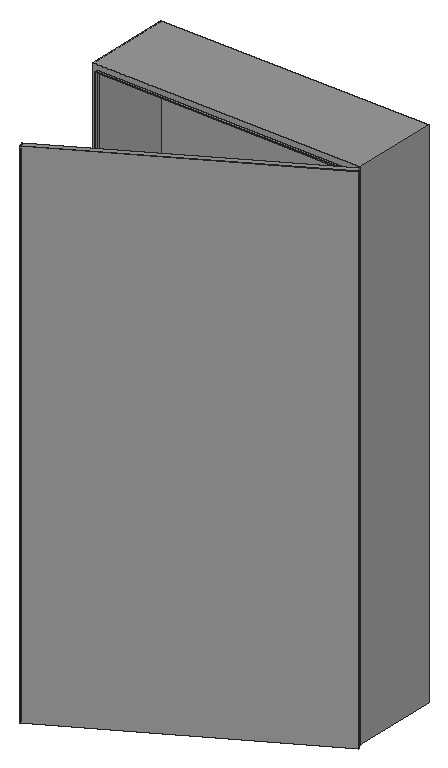
Revit family "Hager-Univers-IP55-D275-H1550-Cl.I-Steel_encl-NoHosted-CH-it", category Electrical Equipment, Revit 2020
Family settings
  Panel Configuration = Two Columns, Circuits Across
  Round Connector Dimension = Use Diameter
  Part Type = Panelboard
  Work Plane-Based = Yes
  Always vertical = Yes
  Cut with Voids When Loaded = No
  Shared = No
  Room Calculation Point = No
Parameters (values of type "A parete IP55 L800 A1550 P275  - FR03E")
  Width Control [instance] = if([EF000008 - Larghezza] > Min Width, [EF000008 - Larghezza], Min Width)  # 800 mm
  Type Comments = [HG000003 - Gamma]  # "Univers"
  Thickness Door [instance] = if([EF009171 - spessore materiale porta/coperchio] > 3 mm, 3 mm, [EF009171 - spessore materiale porta/coperchio])  # 1.5 mm
  Seal Frame Offset [instance] = 17 mm  # constant formula
  Plinth Visibility [instance] = [HG000027 - Altezza dello zoccolo] > 0 mm  # no
  Min Width [instance] = 100 mm  # constant formula
  Min Depth [instance] = (2 * [EF009170 - spessore materiale scatola]) + 1 mm  # 4 mm
  Min Height [instance] = 100 mm  # constant formula
  Internal Frame Depth [instance] = (Door System Depth * 0.5)  # 9 mm
  Panel Name [instance] = ""  # (empty or 0)
  Model = ""
  HG000027 - Altezza dello zoccolo = 0 mm
  HG000026 - A pavimento = no
  HG000024 - Altezza della sezione inferiore = 600 mm
  HG000023 - Custodia a doppia sezione = no
  HG000016 - Visibilità delle porte nella vista 3D [instance] = yes
  HG000015 - Visibilità attraverso la porta [instance] = no
  HG000014 - Porta destra [instance] = yes
  HG000013 - Porta sinistra [instance] = not([HG000014 - Porta destra])  # no
  HG000012 - Angolo di apertura della porta [instance] = 30.00°
  HG000010 - Porte asimmetriche = no
  HG000009 - Porta doppia a battente = no
  HG000006 - Ad incasso = no
  HG000004 - Codice produttore = "FR03E"
  HG000003 - Gamma = "Univers"
  HG000002 - Con porta = yes
  Frame Offset Bottom [instance] = 10 mm  # constant formula
  Frame Offset [instance] = 15 mm  # constant formula
  EF015940 - Coprire con rilascio di sovrapressione = no
  EF011959 - tipo di protezione (NEMA) = ""
  EF009554 - numero delle aperture per la piastra della flangia = 6
  EF009212 - esecuzione coperchio = "EV000116 - chiuso"
  EF009171 - spessore materiale porta/coperchio = 1.5 mm
  EF009170 - spessore materiale scatola = 1.5 mm
  EF008873 - corrente nominale (In) = 800 A
  EF007800 - adatto per parafulmine = no
  EF006306 - con serratura = no
  EF006244 - coperchio/porta trasparente = no
  EF005474 - grado di protezione (IP) = "EV006420 - IP55"
  EF004464 - tipo di porta = "EV002646 - singolo"
  EF004427 - numero di moduli = 360
  EF004293 - resistenza agli urti = "EV008784 - IK10"
  EF003532 - adatto per uso esterno = no
  EF002950 - Numero moduli DIN = 24
  EF001613 - Integrità del circuito = "EV000494 - senza"
  EF001596 - Attacco Lampada = "EV000179 - acciaio"
  EF001131 - profondità interna = 275 mm
  EF001088 - possibilità di applicazione = yes
  EF000437 - numero di ingressi per conduttori = 6
  EF000339 - tipo di copertura = "EV004216 - porta"
  EF000266 - numero di file = 10
  EF000218 - profondità di incasso = 0 mm
  EF000118 - con piastra di montaggio = no
  EF000116 - numero RAL = "7035"
  EF000049 - profondità = 275 mm
  EF000040 - Altezza = 1550 mm
  EF000008 - Larghezza = 800 mm
  EF000007 - colore = "EV000270 - grigio"
  EF000003 - Tipo di montaggio = "EV000384 - A parete"
  Door System Leaf Tolerance [instance] = 1.5 mm  # constant formula
  Door System Depth [instance] = 18 mm  # constant formula
  Door Height [instance] = Height Control - [HG000027 - Altezza dello zoccolo]  # 1550 mm
  Description = ""
  Default Elevation = 1219.2 mm
  Connector Offset [instance] = Height Control / 2  # 775 mm
  Manufacturer = "Hager"  # constant formula
  Height Control [instance] = if([EF000040 - Altezza] > Min Height, [EF000040 - Altezza], Min Height)  # 1550 mm
  Depth Control [instance] = if([EF000049 - profondità] > Min Depth, [EF000049 - profondità], Min Depth)  # 275 mm
  Bottom Top Plate Trim [instance] = 1.5 mm  # constant formula
  Plinth height Ctrl [instance] = if([HG000027 - Altezza dello zoccolo] > 0 mm, [HG000027 - Altezza dello zoccolo], 12 mm)  # 12 mm
Types (5, lengths in mm): name | Width Control | HG000010 - Porte asimmetriche | HG000009 - Porta doppia a battente | HG000004 - Codice produttore | EF009554 - numero delle aperture per la piastra della flangia | EF004464 - tipo di porta | EF004427 - numero di moduli | EF000437 - numero di ingressi per conduttori | EF000008 - Larghezza
  A parete IP55 L1050 A1550 P275  - FR04E | 1050 | no | yes | "FR04E" | 8 | "EV003602 - doppio" | 480 | 8 | 1050
  A parete IP55 L1300 A1550 P275  - FR05E | 1300 | yes | yes | "FR05E" | 10 | "EV003602 - doppio" | 600 | 10 | 1300
  A parete IP55 L300 A1550 P275  - FR01E | 300 | no | no | "FR01E" | 2 | "EV002646 - singolo" | 120 | 2 | 300
  A parete IP55 L550 A1550 P275  - FR02E | 550 | no | no | "FR02E" | 4 | "EV002646 - singolo" | 240 | 4 | 550
  A parete IP55 L800 A1550 P275  - FR03E | 800 | no | no | "FR03E" | 6 | "EV002646 - singolo" | 360 | 6 | 800
Reference planes
  plane 1 "Center (Front/Back)": y = 0
  plane 2: z = 0
  plane 3 "Center (Left/Right)": x = 0
  plane 4: y = 0
  plane 5: y = 0
  plane 6: z = 0
  plane 7: x = -400
  plane 8: x = 400
  plane 9: x = 398.5
  plane 10: x = -398.5
  plane 11: z = 0
  plane 12: z = 1.5
  plane 13: y = -275
  plane 14: y = -1.5
  plane 15: x = 0
  plane 16: y = -257
  plane 17: y = -273.5
  plane 18: y = -255.5
  plane 19: x = -383.5
  plane 20: x = 383.5
  plane 21: z = 11.5
  plane 22: x = -383
  plane 23: x = 383
  plane 24: z = 0
  plane 25: z = 1550
  plane 26: z = 1550
  plane 27: z = 1533.5
  plane 28: z = 1548.5
Forms (mm)
  Extrusion 1, solid, material "Hager_Steel_RAL7035_Light_Grey", detail levels medium+fine
    sketch origin (-208.679, -4572, 0) x (-1, 0, 0) y (0, -1, 0)
      loop
        line (191.321, -4315) -> (-608.679, -4315) -> (-608.679, -4572) -> (191.321, -4572) -> (191.321, -4315)
    from 0 to 1550
  Extrusion 2, void
    sketch origin (-350.771, -275, 1219.2) x (1, 0, 0) y (0, 0, 1)
      loop
        line (-47.729, 329.3) -> (-47.729, -1217.7) -> (749.271, -1217.7) -> (749.271, 329.3) -> (-47.729, 329.3)
    from -19.5 to -273.5
  Extrusion 3, void
    sketch origin (-290.084, -257, 1219.2) x (1, 0, 0) y (0, 0, 1)
      loop
        line (-93.416, -1207.7) -> (673.584, -1207.7) -> (673.584, 314.3) -> (-93.416, 314.3) -> (-93.416, -1207.7)
    from 0 to -1.5
  Extrusion 4, solid, material "Hager_Steel_RAL7035_Light_Grey", visible <- "Plinth Visibility", detail levels medium+fine
    sketch origin (0, 0, 0) x (1, 0, 0) y (0, 1, 0)
      loop
        line (-400, 0) -> (-400, -257) -> (400, -257) -> (400, 0) -> (-400, 0)
    from 0 to 12 <- "Plinth height Ctrl"
  Extrusion 5, solid, material "Hager_Steel_RAL7035_Light_Grey", detail levels coarse
    sketch origin (0, 0, 0) x (1, 0, 0) y (0, 1, 0)
      loop
        line (-400, 0) -> (-400, -275) -> (400, -275) -> (400, 0) -> (-400, 0)
    from 0 to 1550 <- "Height Control"
  Sweep 6, void
    path in 3D
      loop
        line (-400, -257, 12) -> (400, -257, 12) -> (400, 0, 12) -> (-400, 0, 12) -> (-400, -257, 12)
    profile origin (-400, -128.5, 12) x (1, 0, 0) y (0, 0, 1)
      loop
        line (0, 0) -> (0, -1.5) -> (1.5, -1.5)
        arc (1.5, -1.5) -> (1.061, -0.439) -> (0, 0) r 1.5
  Extrusion 7, solid, material "Hager_Steel_RAL7035_Light_Grey", detail levels fine
    sketch origin (-400, -257, 0) x (1, 0, 0) y (0, 0, 1)
      loop
        line (16.5, 11.5) -> (783.5, 11.5) -> (783.5, 1533.5) -> (16.5, 1533.5) -> (16.5, 11.5)
      loop
        line (15, 10) -> (785, 10) -> (785, 1535) -> (15, 1535) -> (15, 10)
    from 0 to 9 <- "Internal Frame Depth"
Cuts and joins
  Extrusion 2, Extrusion 3 cuts Extrusion 1
  Sweep 6 cuts Extrusion 4
Lines and regions (mm)
  Masking region 1
    outline origin (0, 0, 0) x (1, 0, 0) y (0, 1, 0)
      loop
        line (-400, 0) -> (-400, -275) -> (400, -275) -> (400, 0) -> (-400, 0)
  Masking region 2, detail levels coarse
    outline origin (-290.084, -257, 1219.2) x (-1, 0, 0) y (0, 0, 1)
      loop
        line (-690.084, -1219.2) -> (109.916, -1219.2) -> (109.916, 330.8) -> (-690.084, 330.8) -> (-690.084, -1219.2)
  Masking region 3, detail levels coarse
    outline origin (0, 0, 0) x (0, 1, 0) y (0, 0, 1)
      loop
        line (0, 0) -> (0, 1550) -> (-275, 1550) -> (-275, 0) -> (0, 0)
  Masking region 4, visible <- "Plinth Visibility", detail levels medium+fine
    outline origin (0, 0, 0) x (0, 1, 0) y (0, 0, 1)
      loop
        line (-1.5, 12) -> (-255.5, 12)
        arc (-255.5, 12) -> (-255.939, 10.939) -> (-257, 10.5) r 1.5
        line (-257, 10.5) -> (-257, 0) -> (0, 0) -> (0, 10.5)
        arc (0, 10.5) -> (-1.061, 10.939) -> (-1.5, 12) r 1.5
  Masking region 5, detail levels medium+fine
    outline origin (0, 0, 594.038) x (0, 1, 0) y (0, 0, 1)
      loop
        line (0, -594.038) -> (0, 955.962) -> (-257, 955.962) -> (-257, -594.038) -> (0, -594.038)
  Masking region 6, detail levels medium+fine
    outline origin (-359.7, -257, 1211.883) x (-1, 0, 0) y (0, 0, 1)
      loop
        line (-759.7, -1211.883) -> (40.3, -1211.883) -> (40.3, 338.117) -> (-759.7, 338.117) -> (-759.7, -1211.883)
  Masking region 7, visible <- "Plinth Visibility", detail levels medium+fine
    outline origin (-320.334, -257, 1041.368) x (-1, 0, 0) y (0, 0, 1)
      loop
        line (-720.334, -1041.368) -> (79.666, -1041.368) -> (79.666, -1030.868)
        arc (79.666, -1030.868) -> (78.606, -1030.429) -> (78.166, -1029.368) r 1.5
        line (78.166, -1029.368) -> (-718.834, -1029.368)
        arc (-718.834, -1029.368) -> (-719.273, -1030.429) -> (-720.334, -1030.868) r 1.5
        line (-720.334, -1030.868) -> (-720.334, -1041.368)
  sketch lines
    curve 1: line (-400, 0, 12) -> (-400, -257, 12)
    curve 2: line (-400, -257, 12) -> (400, -257, 12)
    curve 3: line (400, 0, 12) -> (-400, 0, 12)
    curve 4: line (400, -257, 12) -> (400, 0, 12)
Dimensions and locks
  locked: plane 1 "Center (Front/Back)" to plane 5
  "EF009170 - spessore materiale scatola": plane 7 to plane 10
  "EF009170 - spessore materiale scatola": plane 8 to plane 9
  equal spacing: plane 7, plane 3 "Center (Left/Right)", plane 8
  "Width Control": plane 7 to plane 8
  "Depth Control": plane 4 to plane 13
  "EF009170 - spessore materiale scatola": plane 4 to plane 14
  "Height Control": plane 25 to level
  "HG000027 - Altezza dello zoccolo": plane 11 to level
  "EF009170 - spessore materiale scatola": plane 12 to plane 11
  "EF009170 - spessore materiale scatola": plane 17 to plane 13
  "EF009170 - spessore materiale scatola": plane 18 to plane 16
  "Frame Offset Bottom": plane 21 to plane 12
  "Frame Offset": plane 10 to plane 19
  "Frame Offset": plane 9 to plane 20
  "Door System Depth": plane 16 to plane 13
  "Seal Frame Offset": plane 7 to plane 22
  "Seal Frame Offset": plane 8 to plane 23
  "EF009170 - spessore materiale scatola": plane 26 to plane 28
  "Frame Offset": plane 28 to plane 27
  "Connector Offset": plane 2 to connector elem
  "Bottom Top Plate Trim": profile plane to Sweep 6 sketch curve
  "Bottom Top Plate Trim": Sweep 6 sketch curve to Sweep 6 sketch curve
  "Plinth height Ctrl": Masking region 4 sketch curve to level
  "Plinth height Ctrl": Masking region 7 sketch curve to level
  "Thickness Door": Extrusion 7 sketch curve to Extrusion 7 sketch curve  (x4)
  "Bottom Top Plate Trim": radius of Sweep 6 sketch curve
  "Bottom Top Plate Trim": radius of Masking region 4 sketch curve  (x2)
  "Bottom Top Plate Trim": radius of Masking region 7 sketch curve  (x2)
  aligned and locked: Extrusion 2 sketch curve to plane 12
  aligned and locked: Extrusion 2 sketch curve to plane 9
  aligned and locked: Extrusion 2 sketch curve to plane 10
  aligned and locked: Extrusion 2 to plane 14
  aligned and locked: Extrusion 1 sketch curve to plane 4
  aligned and locked: plane 8 to Extrusion 1 sketch curve
  aligned and locked: plane 7 to Extrusion 1 sketch curve
  aligned and locked: Extrusion 2 to plane 18
  aligned and locked: Extrusion 3 sketch curve to plane 19
  aligned and locked: plane 20 to Extrusion 3 sketch curve
  aligned and locked: Extrusion 3 to Extrusion 2
  aligned and locked: Extrusion 3 sketch curve to plane 21
  aligned and locked: plane 3 "Center (Left/Right)" to nested 1
  aligned and locked: Extrusion 1 sketch curve to plane 16
  aligned and locked: Extrusion 4 sketch curve to cut or joined group of Extrusion 1, Extrusion 2, Extrusion 3
  aligned and locked: Masking region 1 sketch curve to plane 7
  aligned and locked: Masking region 1 sketch curve to plane 5
  aligned and locked: Masking region 1 sketch curve to plane 8
  aligned and locked: Masking region 2 sketch curve to level
  aligned and locked: level to Masking region 3 sketch curve
  aligned and locked: plane 1 "Center (Front/Back)" to Masking region 3 sketch curve
  aligned and locked: plane 13 to Masking region 3 sketch curve
  aligned and locked: plane 5 to Masking region 4 sketch curve
  aligned and locked: Masking region 2 sketch curve to plane 8
  aligned and locked: Masking region 2 sketch curve to plane 7
  aligned and locked: plane 7 to nested 2
  aligned and locked: nested 2 to plane 5
  aligned and locked: plane 5 to Masking region 5 sketch curve
  aligned and locked: plane 26 to Masking region 5 sketch curve
  aligned and locked: Extrusion 5 sketch curve to plane 8
  aligned and locked: Extrusion 5 sketch curve to plane 7
  aligned and locked: Extrusion 5 sketch curve to plane 5
  aligned and locked: Extrusion 3 sketch curve to plane 27
  aligned and locked: Extrusion 2 sketch curve to plane 28
  aligned and locked: Masking region 2 to plane 25
  aligned and locked: Extrusion 4 to plane 16
  aligned and locked: profile plane to Sweep 6 sketch curve
  aligned and locked: Masking region 5 sketch curve to plane 24
  aligned and locked: level to Masking region 4 sketch curve
  aligned and locked: Masking region 1 to plane 13
  aligned and locked: nested 1 to plane 16
  aligned and locked: Masking region 3 to plane 25
  aligned and locked: plane 16 to Masking region 4 sketch curve
  aligned and locked: Masking region 5 sketch curve to plane 16
  aligned and locked: plane 24 to plane 11
  aligned and locked: plane 26 to plane 25
  aligned and locked: plane 26 to cut or joined group of Extrusion 1, Extrusion 2, Extrusion 3
  aligned and locked: nested 1 to plane 24
  aligned and locked: Extrusion 1 to Extrusion 3
  aligned and locked: Masking region 6 sketch curve to plane 8
  aligned and locked: Masking region 6 sketch curve to plane 24
  aligned and locked: Masking region 6 sketch curve to plane 7
  aligned and locked: Masking region 6 sketch curve to plane 26
  aligned and locked: Masking region 7 sketch curve to plane 7
  aligned and locked: level to Masking region 7 sketch curve
  aligned and locked: Masking region 7 sketch curve to plane 8
  aligned and locked: Extrusion 7 sketch curve to cut or joined group of Extrusion 1, Extrusion 2, Extrusion 3  (x4)
Automatic sketch dimensions
  plane 19 to Extrusion 3 sketch curve = 0 mm
  Extrusion 3 sketch curve to plane 20 = 0 mm
  Extrusion 3 sketch curve to plane 21 = 0 mm
  Extrusion 4 sketch curve to plane 7 = 0 mm
  Extrusion 4 sketch curve to plane 8 = 0 mm
  Extrusion 4 sketch curve to plane 16 = 0 mm
  Masking region 1 sketch curve to plane 13 = 0 mm
  Masking region 2 sketch curve to plane 25 = 0 mm
  Masking region 3 sketch curve to plane 25 = 0 mm
  Extrusion 5 sketch curve to plane 13 = 0 mm
  profile plane to Sweep 6 sketch curve = 0 mm
Nested families
  nested 1: "EC000058_Univers_Door" at (0, -257, 0), Double <- "HG000009 - Porta doppia a battente", Transparent <- "EF006244 - coperchio/porta trasparente", Angle <- "HG000012 - Angolo di apertura della porta", Door_Right <- "HG000014 - Porta destra", Assymetrical <- "HG000010 - Porte asimmetriche", Door <- "HG000002 - Con porta", Width_Ctrl <- "Width Control", 3d_Door <- "HG000016 - Visibilità delle porte nella vista 3D", Clearance <- "HG000015 - Visibilità attraverso la porta", Door_Left <- "HG000013 - Porta sinistra", Width <- "Width Control", Door_Depth <- "Door System Depth", Leaf_Tolerance <- "Door System Leaf Tolerance", Height <- "Door Height", Lock_Visibility <- "EF006306 - con serratura", Thickness <- "Thickness Door", type "EC000058_Univers_Door", detail levels medium+fine
    with min_wh 4 mm, Width_Ctrl 800 mm, Width 800 mm, Transparent no, Thickness 1.5 mm, Seal_Material Hager_Rubber, Lock_Visibility no, Lock_Material Hager_Plastic_RAL9005_Jet_Black, Leaf_Width 800 mm, Leaf_Tolerance_External_Sides 0 mm, Leaf_Tolerance 1.5 mm, Leaf_Offset 0 mm, Leaf_Height 1547 mm, Leaf_2_Width 800 mm, Leaf_2_Offset 400 mm, Leaf_1_Width 800 mm, Leaf_1_Offset 400 mm, Height_Ctrl 1550 mm, Height 1550 mm, Glass_Material Hager_Glass, Double_Clearance_Ctrl no, Double no, Door_Right_Ctrl yes, Door_Right yes, Door_Material Hager_Steel_RAL7035_Light_Grey, Door_Left_Ctrl no, Door_Left no, Door_Depth 18 mm, Door yes, Clearance_Material Hager_Clearance, Clearance_Depth 800 mm, Clearance_Ctrl no, Clearance no, Assymetrical no, Angle 30.00°, 3d_Door yes
  nested 2: "Hager_Enclosure_Symbol" at (-400, 0, 0), Height <- "Depth Control", Width <- "Width Control", type "Hager_Enclosure_Symbol"
    with Width_Ctrl 800 mm, Width 800 mm, Height_Ctrl 275 mm, Height 275 mm, A_Width_Int 18.047 mm, A_Width 216.562 mm, A_Height_Ctrl 240.625 mm, A_Height 240.625 mm
Connectors
  electrical at (0, 0, 775)
    settings: on plane 1 "Center (Front/Back)", index 1, voltage 0 V, apparent load 0 VA, apparent load phase1 0 VA, apparent load phase2 0 VA, apparent load phase3 0 VA, power factor 1, load classification "Other", number of poles 1, system type 30, power factor state 1, is connector primary yes, connector utility no, sub classification motor no, connector description ""
Definition of nested family "EC000058_Univers_Door"
  Parameters (values of type "EC000058_Univers_Door")
    min_wh [instance] = (2 * Thickness) + 1 mm  # 11 mm
    Width_Ctrl [instance] = 400 mm
    Width [instance] = 500 mm
    Transparent [instance] = yes
    Thickness [instance] = 5 mm
    Seal_Material [instance] = none
    Lock_Visibility [instance] = yes
    Lock_Material [instance] = none
    Leaf_Width [instance] = if((Width_Ctrl - 2 * Leaf_Tolerance_External_Sides) > 0 mm, (Width_Ctrl - 2 * Leaf_Tolerance_External_Sides), min_wh)  # 400 mm
    Leaf_Tolerance_External_Sides [instance] = 0 mm  # constant formula
    Leaf_Tolerance [instance] = 1.5 mm
    Leaf_Offset [instance] = 0 mm  # constant formula
    Leaf_Height [instance] = if((Height_Ctrl - 2 * Leaf_Tolerance) > 0 mm, (Height_Ctrl - 2 * Leaf_Tolerance), min_wh)  # 497 mm
    Leaf_2_Width [instance] = if(and(and(Double, Assymetrical), Door_Left), (Leaf_Width / 3) - (Leaf_Tolerance / 2), if(and(and(Double, Assymetrical), Door_Right), (Leaf_Width / 3) * 2 - (Leaf_Tolerance / 2), if(and(Double, not(Assymetrical)), (Leaf_Width / 2) - Leaf_Tolerance, Leaf_Width)))  # 400 mm
    Leaf_2_Offset [instance] = if(and(Double, Assymetrical), Leaf_2_Width / 2, if(and(Double, not(Assymetrical)), Leaf_Width / 4, Leaf_Width / 2))  # 200 mm
    Leaf_1_Width [instance] = if(and(and(Double, Assymetrical), Door_Right), (Leaf_Width / 3) - (Leaf_Tolerance / 2), if(and(and(Double, Assymetrical), Door_Left), (Width / 3) * 2 - (Leaf_Tolerance / 2), if(and(Double, not(Assymetrical)), (Leaf_Width / 2) - Leaf_Tolerance, Leaf_Width)))  # 400 mm
    Leaf_1_Offset [instance] = if(and(Double, Assymetrical), Leaf_1_Width / 2, if(and(Double, not(Assymetrical)), Leaf_Width / 4, Leaf_Width / 2))  # 200 mm
    Height_Ctrl [instance] = if(Height > min_wh, Height, min_wh)  # 500 mm
    Height [instance] = 500 mm
    Glass_Material [instance] = none
    Double_Clearance_Ctrl [instance] = and(Double, Clearance)  # no
    Double [instance] = no
    Door_Right_Ctrl [instance] = and(or(Door_Right, Double), Door)  # yes
    Door_Right [instance] = yes
    Door_Material [instance] = none
    Door_Left_Ctrl [instance] = and(or(Door_Left, Double), Door)  # no
    Door_Left [instance] = no
    Door_Depth [instance] = 30 mm
    Door [instance] = yes
    Default Elevation = 1219.2 mm
    Clearance_Material [instance] = none
    Clearance_Depth [instance] = if(Leaf_1_Width > Leaf_2_Width, Leaf_1_Width, Leaf_2_Width)  # 400 mm
    Clearance_Ctrl [instance] = and(not(Double), Clearance)  # yes
    Clearance [instance] = yes
    Assymetrical [instance] = yes
    Angle [instance] = 30.00°
    3d_Door [instance] = yes
  Reference planes
    plane 1 "Center (Front/Back)": y = 0
    plane 2 "Bottom": z = 0
    plane 3 "Center (Left/Right)": x = 0
    plane 4: z = 500
    plane 5: x = -200
    plane 6: x = 200
    plane 7: z = 500
    plane 8: x = -200
    plane 9: z = 0
    plane 10: x = 200
    plane 11: y = 0
    plane 12: z = 1.5
    plane 13: x = -600
    plane 14: y = -400
    plane 15: x = 600
    plane 16: x = 0
    plane 17: x = 0
    plane 18: x = -200
    plane 19: x = 200
    plane 20: z = 498.5
  Forms (mm)
    Extrusion 1, solid, material <- "Clearance_Material", visible <- "Double_Clearance_Ctrl"
      sketch origin (1200, 0, 0) x (1, 0, 0) y (0, 0, -1)
        loop
          line (-1800, -498.5) -> (-600, -498.5) -> (-600, 0) -> (-1800, 0) -> (-1800, -498.5)
      from 0 to -400
  Dimensions and locks
    equal spacing: plane 5, plane 3 "Center (Left/Right)", plane 6
    "Width_Ctrl": plane 5 to plane 6
    "Leaf_Offset": plane 5 to plane 8
    "Leaf_Offset": plane 6 to plane 10
    "Leaf_Offset": plane 9 to level
    "Leaf_Offset": plane 4 to plane 7
    "Height_Ctrl": plane 4 to level
    "Leaf_Tolerance": plane 12 to plane 9
    locked: plane 11 to plane 1 "Center (Front/Back)"
    "Leaf_1_Offset": plane 18 to plane 16
    "Leaf_2_Offset": plane 17 to plane 19
    "Leaf_1_Width": plane 13 to plane 8
    "Leaf_2_Width": plane 10 to plane 15
    "Clearance_Depth": plane 14 to plane 1 "Center (Front/Back)"
    "Leaf_Tolerance_External_Sides": plane 8 to plane 18
    "Leaf_Tolerance_External_Sides": plane 19 to plane 10
    "Leaf_Tolerance": plane 7 to plane 20
    aligned and locked: level to plane 2 "Bottom"
    aligned and locked: nested 1 to plane 16
    aligned and locked: nested 2 to plane 17
    aligned and locked: Extrusion 1 to plane 13
    aligned and locked: plane 15 to Extrusion 1
    aligned and locked: Extrusion 1 to plane 14
    aligned and locked: plane 12 to nested 1
    aligned and locked: nested 2 to plane 12
    aligned and locked: Extrusion 1 to plane 11
    aligned and locked: plane 20 to Extrusion 1
    aligned and locked: nested 2 to plane 11
    aligned and locked: nested 1 to plane 11
  Automatic sketch dimensions
    Extrusion 1 sketch curve to level = 0 mm
    plane 5 to Extrusion 1 sketch curve = 400 mm
    plane 6 to Extrusion 1 sketch curve = 400 mm
    Extrusion 1 sketch curve to plane 4 = 1.5 mm
  Nested families
    nested 1: "EC000058_Univers_Door_Leaf" at (0, 0, 1.5), Width <- "Leaf_1_Width", visible <- "Door_Left_Ctrl", Leaf_Height <- "Leaf_Height", Angle <- "Angle", 3d_Door <- "3d_Door", Transparent <- "Transparent", Clearance Material <- "Clearance_Material", Clearance <- "Clearance_Ctrl", Door_Material <- "Door_Material", Glass_Material <- "Glass_Material", Door_Depth <- "Door_Depth", Lock_Material <- "Lock_Material", Seal_Material <- "Seal_Material", Lock_Visibility <- "Lock_Visibility", Thickness <- "Thickness", type "EC000058_Univers_Door_Leaf"
      with Width 400 mm, Transparent_Glass_Offset 30 mm, Transparent_Ctrl yes, Transparent yes, Thickness 5 mm, Standard no, Seal_Material none, Seal_D2 8 mm, Seal_D1 1 mm, Offset_Internal_Frame 10 mm, Lock_Width 20 mm, Lock_Visibility_3d yes, Lock_Visibility yes, Lock_Thickness_3 3 mm, Lock_Thickness_2 1 mm, Lock_Thickness_1 3 mm, Lock_Radius_Offset_2 16 mm, Lock_Radius_Offset_1 15 mm, Lock_Radius_2 5 mm, Lock_Radius 6 mm, Lock_Offset 5 mm, Lock_Material none, Lock_Height 80 mm, Lock_Cover_Top_Offset_2d 17 mm, Lock_Cover_Height -65 mm, Leaf_Height 497 mm, Internal_Seal_Thickness 8 mm, Internal_Seal_Depth_2 4.5 mm, Internal_Frame_Depth 25 mm, Glass_Thickness -1 mm, Glass_Offset -2 mm, Glass_Material none, Door_Material none, Door_Depth 30 mm, Clearance Material none, Clearance yes, Angle_Ctrl 30.00°, Angle 30.00°, 3d_Door yes
    nested 2: "EC000058_Univers_Door_Leaf" at (0, 0, 1.5) x (-1, 0, 0) z (0, 0, 1), Width <- "Leaf_2_Width", visible <- "Door_Right_Ctrl", Leaf_Height <- "Leaf_Height", Angle <- "Angle", 3d_Door <- "3d_Door", Transparent <- "Transparent", Clearance Material <- "Clearance_Material", Clearance <- "Clearance_Ctrl", Door_Material <- "Door_Material", Glass_Material <- "Glass_Material", Door_Depth <- "Door_Depth", Lock_Material <- "Lock_Material", Seal_Material <- "Seal_Material", Lock_Visibility <- "Lock_Visibility", Thickness <- "Thickness", type "EC000058_Univers_Door_Leaf"
      with Width 400 mm, Transparent_Glass_Offset 30 mm, Transparent_Ctrl yes, Transparent yes, Thickness 5 mm, Standard no, Seal_Material none, Seal_D2 8 mm, Seal_D1 1 mm, Offset_Internal_Frame 10 mm, Lock_Width 20 mm, Lock_Visibility_3d yes, Lock_Visibility yes, Lock_Thickness_3 3 mm, Lock_Thickness_2 1 mm, Lock_Thickness_1 3 mm, Lock_Radius_Offset_2 16 mm, Lock_Radius_Offset_1 15 mm, Lock_Radius_2 5 mm, Lock_Radius 6 mm, Lock_Offset 5 mm, Lock_Material none, Lock_Height 80 mm, Lock_Cover_Top_Offset_2d 17 mm, Lock_Cover_Height -65 mm, Leaf_Height 497 mm, Internal_Seal_Thickness 8 mm, Internal_Seal_Depth_2 4.5 mm, Internal_Frame_Depth 25 mm, Glass_Thickness -1 mm, Glass_Offset -2 mm, Glass_Material none, Door_Material none, Door_Depth 30 mm, Clearance Material none, Clearance yes, Angle_Ctrl 30.00°, Angle 30.00°, 3d_Door yes
  Definition of nested family "EC000058_Univers_Door_Leaf"
    Parameters (values of type "EC000058_Univers_Door_Leaf")
      Width [instance] = 2000 mm
      Transparent_Glass_Offset [instance] = 30 mm
      Transparent_Ctrl [instance] = and(Transparent, [3d_Door])  # yes
      Transparent [instance] = yes
      Thickness [instance] = 5 mm
      Standard [instance] = and(not(Transparent), [3d_Door])  # no
      Seal_Material [instance] = none
      Seal_D2 [instance] = 8 mm  # constant formula
      Seal_D1 [instance] = 1 mm  # constant formula
      Offset_Internal_Frame [instance] = 10 mm  # constant formula
      Lock_Width [instance] = 20 mm  # constant formula
      Lock_Visibility_3d [instance] = and(Lock_Visibility, [3d_Door])  # yes
      Lock_Visibility [instance] = yes
      Lock_Thickness_3 [instance] = 3 mm  # constant formula
      Lock_Thickness_2 [instance] = 1 mm  # constant formula
      Lock_Thickness_1 [instance] = 3 mm  # constant formula
      Lock_Radius_Offset_2 [instance] = Lock_Radius_Offset_1 + 1 mm  # 16 mm
      Lock_Radius_Offset_1 [instance] = 15 mm  # constant formula
      Lock_Radius_2 [instance] = Lock_Radius - 1 mm  # 5 mm
      Lock_Radius [instance] = 6 mm  # constant formula
      Lock_Offset [instance] = 5 mm  # constant formula
      Lock_Material [instance] = none
      Lock_Height [instance] = 80 mm  # constant formula
      Lock_Cover_Top_Offset_2d [instance] = Lock_Radius_Offset_2 + 1 mm  # 17 mm
      Lock_Cover_Height [instance] = -(Lock_Height - Lock_Radius_Offset_1)  # -65 mm
      Leaf_Height [instance] = 2720.336 mm
      Internal_Seal_Thickness [instance] = 8 mm  # constant formula
      Internal_Seal_Depth_2 [instance] = 4.5 mm  # constant formula
      Internal_Frame_Depth [instance] = if(Door_Depth - Thickness > 5 mm, Door_Depth - Thickness, 5 mm)  # 25 mm
      Glass_Thickness [instance] = if(Thickness > 15 mm, Glass_Offset + 10 mm, -1 mm)  # -1 mm
      Glass_Offset [instance] = if(Thickness > 15 mm, -(Thickness + 10 mm) / 2, -2 mm)  # -2 mm
      Glass_Material [instance] = none
      Door_Material [instance] = none
      Door_Depth [instance] = 30 mm
      Default Elevation = 0 mm
      Clearance Material [instance] = none
      Clearance [instance] = yes
      Angle_Ctrl [instance] = if(Angle > 180.00°, 180.00°, Angle)  # 90.00°
      Angle [instance] = 90.00°
      3d_Door [instance] = yes
    Reference planes
      plane 1 "Center (Front/Back)": y = 0
      plane 2: z = 0
      plane 3 "Center (Left/Right)": x = 0
      plane 4: y = 2000
      plane 5: x = -1000
      plane 6: x = 1000
      plane 7: x = -3000
      plane 8: z = 2720.336
      plane 9: z = 30
      plane 10: z = 2690.336
      plane 11: x = 970
      plane 12: x = -970
      plane 13: y = -3
      plane 14: z = 107.833
      plane 15: y = -5
      plane 16: y = -223.314
      plane 17: x = -1000
      plane 18: z = 1360.168
      plane 19: y = 30
    Forms (mm)
      Extrusion 1, solid, material <- "Clearance Material", visible <- "Clearance"
        sketch origin (0, 0, 0) x (1, 0, 0) y (0, 0, 1)
          loop
            line (-3000, 2720.336) -> (-3000, 0) -> (1000, 0) -> (1000, 2720.336) -> (-3000, 2720.336)
        from 0 to -2000
      Extrusion 2, solid, material <- "Door_Material", visible <- "Standard", detail levels medium+fine
        sketch origin (-1000, 0, 0) x (0, 1, 0) y (-1, 0, 0)
          loop
            line (0, 30) -> (0, 25) -> (2000, 25) -> (2000, 30) -> (0, 30)
        from 0 to 2720.336 <- "Leaf_Height"
      Extrusion 3, solid, material <- "Door_Material", visible <- "Transparent_Ctrl", detail levels medium+fine
        sketch origin (-1000, 0, 0) x (0, 1, 0) y (-1, 0, 0)
          loop
            line (0, 25) -> (2000, 25) -> (2000, 30) -> (0, 30) -> (0, 25)
        from 0 to 2720.336 <- "Leaf_Height"
      Extrusion 4, void
        sketch origin (-1025, 2000, 0) x (0, 1, 0) y (0, 0, -1)
          loop
            line (-30, -2690.336) -> (-30, -30) -> (-1970, -30) -> (-1970, -2690.336) -> (-30, -2690.336)
        from 0 to 5 <- "Thickness"
      Sweep 5, solid, material <- "Seal_Material", visible <- "Transparent_Ctrl", detail levels fine
        path in 3D
          loop
            line (-1025, 30, 30) -> (-1025, 30, 2690.336) -> (-1025, 1970, 2690.336) -> (-1025, 1970, 30) -> (-1025, 30, 30)
        profile origin (-1025, 1000, 30) x (1, 0, 0) y (0, 0, 1)
          loop
            line (0, 0) -> (0, -8) -> (1, -8) -> (1, 0) -> (0, 0)
      Extrusion 6, solid, material <- "Glass_Material", visible <- "Transparent_Ctrl", detail levels medium+fine
        sketch origin (-1030, 0, 0) x (0, 1, 0) y (0, 0, -1)
          loop
            line (1970, -2690.336) -> (1970, -30) -> (30, -30) -> (30, -2690.336) -> (1970, -2690.336)
        from -2 <- "Glass_Offset" to -1 <- "Glass_Thickness"
      Extrusion 7, solid, material <- "Door_Material", visible <- "3d_Door", detail levels medium+fine
        sketch origin (-1025, 2000, 0) x (0, -1, 0) y (0, 0, -1)
          loop
            line (0, -2720.336) -> (2000, -2720.336) -> (2000, 0) -> (0, 0) -> (0, -2720.336)
          loop
            line (1995, -5) -> (5, -5) -> (5, -2715.336) -> (1995, -2715.336) -> (1995, -5)
        from 0 to 25 <- "Internal_Frame_Depth"
      Sweep 8, solid, material <- "Seal_Material", visible <- "Transparent_Ctrl", detail levels fine
        path in 3D
          loop
            line (-1025, 0, 0) -> (-1025, 2000, 0) -> (-1025, 2000, 2720.336) -> (-1025, 0, 2720.336) -> (-1025, 0, 0)
        profile origin (-1025, 0, 1360.168) x (1, 0, 0) y (0, 1, 0)
          loop
            line (0, 10) -> (2.975, 10)
            arc (2.975, 10) -> (4.053, 10.447) -> (4.5, 11.525) r 1.525
            line (4.5, 11.525) -> (4.5, 16.527)
            arc (4.5, 16.527) -> (4.069, 17.569) -> (3.027, 18) r 1.473
            line (3.027, 18) -> (0, 18) -> (0, 10)
      Extrusion 9, solid, material <- "Lock_Material", visible <- "Lock_Visibility_3d", detail levels fine
        sketch origin (-1030, 0, 0) x (0, 1, 0) y (0, 0, -1)
          loop
            arc (1993.5, -1400.168) -> (1994.561, -1399.729) -> (1995, -1398.668) r 1.5
            line (1995, -1398.668) -> (1995, -1320.168) -> (1975, -1320.168) -> (1975, -1398.668)
            arc (1975, -1398.668) -> (1975.439, -1399.729) -> (1976.5, -1400.168) r 1.5
            line (1976.5, -1400.168) -> (1993.5, -1400.168)
        from 3 <- "Lock_Thickness_1" to 0
      Blend 10, solid, material <- "Lock_Material", visible <- "Lock_Visibility_3d", detail levels fine
        base sketch origin (-1033, 0, 0) x (0, 1, 0) y (0, 0, -1)
          loop
            line (1975, -1320.168) -> (1975, -1398.668)
            arc (1975, -1398.668) -> (1975.439, -1399.729) -> (1976.5, -1400.168) r 1.5
            line (1976.5, -1400.168) -> (1993.5, -1400.168)
            arc (1993.5, -1400.168) -> (1994.561, -1399.729) -> (1995, -1398.668) r 1.5
            line (1995, -1398.668) -> (1995, -1320.168) -> (1975, -1320.168)
        top sketch origin (-1033, 0, 0) x (0, 1, 0) y (0, 0, -1)
          loop
            line (1976, -1320.168) -> (1976, -1398.668)
            arc (1976, -1398.668) -> (1976.146, -1399.022) -> (1976.5, -1399.168) r 0.5
            line (1976.5, -1399.168) -> (1993.5, -1399.168)
            arc (1993.5, -1399.168) -> (1993.854, -1399.022) -> (1994, -1398.668) r 0.5
            line (1994, -1398.668) -> (1994, -1320.168) -> (1976, -1320.168)
        from 0 to 1 <- "Lock_Thickness_2"
      Blend 11, solid, material <- "Lock_Material", visible <- "Lock_Visibility_3d", detail levels fine
        base sketch origin (-1034, 0, 0) x (0, 1, 0) y (0, 0, -1)
          loop
            line (1978, -1320.168) -> (1978, -1384.168)
            arc (1978, -1384.168) -> (1985, -1391.168) -> (1992, -1384.168) r 7
            line (1992, -1384.168) -> (1992, -1320.168) -> (1978, -1320.168)
        top sketch origin (-1034, 0, 0) x (0, 1, 0) y (0, 0, -1)
          loop
            line (1991, -1320.168) -> (1979, -1320.168) -> (1979, -1383.168)
            arc (1979, -1383.168) -> (1985, -1389.168) -> (1991, -1383.168) r 6
            line (1991, -1383.168) -> (1991, -1320.168)
        from 0 to 3 <- "Lock_Thickness_3"
      Extrusion 12, solid, material <- "Lock_Material", visible <- "Lock_Visibility_3d", detail levels fine
        sketch origin (-1030, 1975, 1320.168) x (1, 0, 0) y (0, -1, 0)
          loop
            line (-7, -19) -> (-7, -1) -> (0, -1) -> (0, 0) -> (-8, 0) -> (-8, -20) -> (0, -20) -> (0, -19) -> (-7, -19)
        from 0 to -65 <- "Lock_Cover_Height"
      Extrusion 13, void
        sketch origin (-1038, 1995, 1320.168) x (-1, 0, 0) y (0, 0, -1)
          loop
            line (-5, -65) -> (0, -65) -> (-5, -60) -> (-5, -65)
        from 0 to 20 <- "Lock_Width"
      Extrusion 14, void
        sketch origin (-1038, 1975, 1320.168) x (0, -1, 0) y (0, 0, -1)
          loop
            circle (-10, -15.995) r 6
          loop
            circle (-10, -15.995) r 5
        from 0 to 2
      Extrusion 15, solid, material <- "Lock_Material", visible <- "Lock_Visibility_3d", detail levels medium
        sketch origin (-1030, 0, 0) x (0, 1, 0) y (0, 0, -1)
          loop
            arc (1993.5, -1400.168) -> (1994.561, -1399.729) -> (1995, -1398.668) r 1.5
            line (1995, -1398.668) -> (1995, -1320.168) -> (1975, -1320.168) -> (1975, -1398.668)
            arc (1975, -1398.668) -> (1975.439, -1399.729) -> (1976.5, -1400.168) r 1.5
            line (1976.5, -1400.168) -> (1993.5, -1400.168)
        from 8 to 0
    Cuts and joins
      Extrusion 4 cuts Extrusion 3
      Extrusion 13, Extrusion 14 cuts Extrusion 9
      Extrusion 14 cuts Blend 11
      Extrusion 13, Extrusion 14 cuts Extrusion 12
      joined: Extrusion 9, Blend 10, Blend 11, Extrusion 12
      Extrusion 14 cuts Extrusion 15
    Lines and regions (mm)
      Masking region 1, visible <- "Lock_Visibility", detail levels fine
        outline origin (0, 0, 0) x (0, 1, 0) y (0, 0, 1)
          loop
            line (30, 1320.168) -> (33, 1320.168) -> (33, 1400.168) -> (30, 1400.168) -> (30, 1320.168)
      Masking region 2, visible <- "Lock_Visibility", detail levels fine
        outline origin (0, 3.143, 0) x (0, 1, 0) y (0, 0, 1)
          loop
            line (29.857, 1354.168) -> (30.857, 1354.168) -> (30.857, 1366.168) -> (29.857, 1366.168) -> (29.857, 1354.168)
      Masking region 3, detail levels medium+fine
        outline origin (0, 0, 0) x (0, 1, 0) y (0, 0, 1)
          loop
            line (0, 0) -> (30, 0) -> (30, 2720.336) -> (0, 2720.336) -> (0, 0)
      Masking region 4, detail levels medium+fine
        outline origin (0, 0, 0) x (1, 0, 0) y (0, 0, 1)
          loop
            line (-1000, 2720.336) -> (-1000, 0) -> (1000, 0) -> (1000, 2720.336) -> (-1000, 2720.336)
      Masking region 5, visible <- "Lock_Visibility", detail levels fine
        outline origin (-47.116, 0, 0) x (1, 0, 0) y (0, 0, 1)
          loop
            arc (1024.616, 1399.168) -> (1023.556, 1398.729) -> (1023.116, 1397.668) r 1.5
            line (1023.116, 1397.668) -> (1023.116, 1320.168) -> (1041.116, 1320.168) -> (1041.116, 1397.668)
            arc (1041.116, 1397.668) -> (1040.677, 1398.729) -> (1039.616, 1399.168) r 1.5
            line (1039.616, 1399.168) -> (1024.616, 1399.168)
      Masking region 6, visible <- "Lock_Visibility", detail levels medium+fine
        outline origin (-25, 0, 0) x (1, 0, 0) y (0, 0, 1)
          loop
            arc (1001.5, 1400.168) -> (1000.439, 1399.729) -> (1000, 1398.668) r 1.5
            line (1000, 1398.668) -> (1000, 1320.168) -> (1020, 1320.168) -> (1020, 1398.668)
            arc (1020, 1398.668) -> (1019.561, 1399.729) -> (1018.5, 1400.168) r 1.5
            line (1018.5, 1400.168) -> (1001.5, 1400.168)
      Masking region 7, visible <- "Lock_Visibility", detail levels fine
        outline origin (-73.735, 0, 0) x (1, 0, 0) y (0, 0, 1)
          loop
            line (1051.735, 1382.168) -> (1065.735, 1382.168) -> (1065.735, 1384.168)
            arc (1065.735, 1384.168) -> (1058.735, 1391.168) -> (1051.735, 1384.168) r 7
            line (1051.735, 1384.168) -> (1051.735, 1382.168)
      Masking region 8, visible <- "Lock_Visibility", detail levels fine
        outline origin (-73.735, 0, 0) x (1, 0, 0) y (0, 0, 1)
          loop
            line (1052.735, 1382.168) -> (1064.735, 1382.168) -> (1064.735, 1383.168)
            arc (1064.735, 1383.168) -> (1058.735, 1389.168) -> (1052.735, 1383.168) r 6
            line (1052.735, 1383.168) -> (1052.735, 1382.168)
      Masking region 9, visible <- "Lock_Visibility", detail levels fine
        outline origin (-25, 0, 0) x (1, 0, 0) y (0, 0, 1)
          loop
            line (1020, 1320.168) -> (1020, 1382.168) -> (1000, 1382.168) -> (1000, 1320.168) -> (1020, 1320.168)
      Masking region 10, detail levels medium+fine
        outline origin (0, 0, 0) x (1, 0, 0) y (0, 0, 1)
          loop
            circle (985, 1335.144) r 6
      Masking region 11, detail levels fine
        outline origin (0, 0, 0) x (1, 0, 0) y (0, 0, 1)
          loop
            circle (985, 1335.144) r 5
      Masking region 12, visible <- "Lock_Visibility", detail levels fine
        outline origin (0, 12.767, 0) x (0, 1, 0) y (0, 0, 1)
          loop
            line (20.233, 1320.168) -> (21.233, 1320.168) -> (21.233, 1399.168) -> (20.233, 1400.168) -> (20.233, 1320.168)
      Masking region 13, visible <- "Lock_Visibility", detail levels fine
        outline origin (0, 13.767, -10) x (0, 1, 0) y (0, 0, 1)
          loop
            line (20.233, 1330.168) -> (23.233, 1330.168) -> (23.233, 1399.168) -> (20.233, 1402.168) -> (20.233, 1330.168)
      Masking region 14, visible <- "Lock_Visibility", detail levels fine
        outline origin (0, 12.767, -10) x (0, 1, 0) y (0, 0, 1)
          loop
            line (20.233, 1330.168) -> (25.233, 1330.168) -> (25.233, 1399.305) -> (20.233, 1394.305) -> (20.233, 1330.168)
      Masking region 15, visible <- "Lock_Visibility", detail levels medium
        outline origin (0, 0, 0) x (0, 1, 0) y (0, 0, 1)
          loop
            line (30, 1320.168) -> (38, 1320.168) -> (38, 1400.168) -> (30, 1400.168) -> (30, 1320.168)
      Masking region 16, visible <- "Lock_Visibility", detail levels fine
        outline origin (-1000, 0, 0) x (0, 1, 0) y (-1, 0, 0)
          loop
            line (1975, 30) -> (1995, 30) -> (1995, 38) -> (1975, 38) -> (1975, 30)
          loop
            line (1979, 37) -> (1976, 37) -> (1976, 34) -> (1978, 34) -> (1979, 37)
          loop
            line (1994, 37) -> (1991, 37) -> (1992, 34) -> (1994, 34) -> (1994, 37)
      Masking region 17, visible <- "Lock_Visibility", detail levels medium
        outline origin (-1000, 0, 0) x (0, 1, 0) y (-1, 0, 0)
          loop
            line (1975, 30) -> (1995, 30) -> (1995, 38) -> (1975, 38) -> (1975, 30)
      symbolic lines
        curve 1: line (1000, 0, 0) -> (-3000, 0, 0)
        curve 2: arc (1000, 0, 0) -> (-1000, 2000, 0) -> (-3000, 0, 0) r 2000
        curve 4: line (-1030, 0, 0) -> (-1030, 2000, 0)
      reference lines
        curve 3: line (-1000, 0, 0) -> (-1000, 2000, 0)
      symbolic lines, detail levels medium+fine
        curve 5: line (-1030, 2000, 0) -> (-1025, 2000, 0)
        curve 7: line (-1025, 0, 0) -> (-1030, 0, 0)
        curve 8: line (-1025, 0, 0) -> (-1000, 0, 0)
        curve 9: line (-1000, 0, 0) -> (-1000, 2000, 0)
        curve 10: line (-1000, 2000, 0) -> (-1025, 2000, 0)
      symbolic lines, detail levels fine
        curve 6: line (-1025, 2000, 0) -> (-1025, 0, 0)
      sketch lines
        curve 11: line (-1025, 0, 2720.336) -> (-1025, 0, 0)
        curve 12: line (-1025, 2000, 0) -> (-1025, 0, 0)
        curve 13: line (-1025, 2000, 2720.336) -> (-1025, 2000, 0)
        curve 14: line (-1025, 0, 2720.336) -> (-1025, 2000, 2720.336)
        curve 15: line (-1025, 1970, 30) -> (-1025, 30, 30)
        curve 16: line (-1025, 30, 30) -> (-1025, 30, 2690.336)
        curve 17: line (-1025, 1970, 2690.336) -> (-1025, 1970, 30)
        curve 18: line (-1025, 30, 2690.336) -> (-1025, 1970, 2690.336)
      symbolic lines, visible <- "Transparent", detail levels medium+fine
        curve 19: line (-970, 0, 2690.336) -> (970, 0, 2690.336)
        curve 20: line (-970, 0, 30) -> (-970, 0, 2690.336)
        curve 21: line (970, 0, 30) -> (-970, 0, 30)
        curve 22: line (970, 0, 2690.336) -> (970, 0, 30)
    Dimensions and locks
      "Width": plane 1 "Center (Front/Back)" to plane 4
      equal spacing: plane 5, plane 3 "Center (Left/Right)", plane 6
      "Width": plane 5 to plane 6
      "Width": plane 7 to plane 5
      "Leaf_Height": plane 8 to level
      "Width": curve 5 to curve 3
      "Width": curve 3 to curve 3
      plane 8 to plane 10 = 30 mm
      plane 9 to level = 30 mm
      plane 12 to plane 5 = 30 mm
      plane 6 to plane 11 = 30 mm
      Extrusion 1 to Extrusion 4 sketch curve = 30 mm
      "Transparent_Glass_Offset": curve 3 to Extrusion 4 sketch curve
      "Transparent_Glass_Offset": Extrusion 4 sketch curve to cut or joined group of Extrusion 3, Extrusion 4  (x2)
      cut or joined group of Extrusion 3, Extrusion 4 to Extrusion 6 sketch curve = 30 mm
      "Transparent_Glass_Offset": cut or joined group of Extrusion 3, Extrusion 4 to Extrusion 4 sketch curve
      "Thickness": curve 6 to curve 4
      "Thickness": Extrusion 7 sketch curve to Extrusion 7 sketch curve  (x4)
      "Door_Depth": curve 4 to curve 3
      "Offset_Internal_Frame": profile plane to Sweep 8 sketch curve
      "Internal_Seal_Thickness": Sweep 8 sketch curve to Sweep 8 sketch curve
      "Internal_Seal_Depth_2": profile plane to Sweep 8 sketch curve
      "Seal_D1": profile plane to Sweep 5 sketch curve
      "Seal_D2": profile plane to Sweep 5 sketch curve
      "Thickness": Extrusion 2 sketch curve to Extrusion 2 sketch curve
      equal spacing: Extrusion 9 sketch curve, plane 18, Extrusion 9 sketch curve  (x2)
      equal spacing: Masking region 1 sketch curve, plane 18, Masking region 1 sketch curve
      "Lock_Height": Masking region 1 sketch curve to Masking region 1 sketch curve
      "Lock_Radius": Masking region 2 sketch curve to plane 18 to Masking region 2 sketch curve
      Masking region 2 sketch curve to Masking region 1 = 1 mm
      "Door_Depth": plane 19 to plane 1 "Center (Front/Back)"
      "Lock_Thickness_1": Masking region 1 sketch curve to plane 19
      "Lock_Width": Extrusion 9 sketch curve to Extrusion 9 sketch curve
      "Lock_Height": Extrusion 9 sketch curve to Extrusion 9 sketch curve
      "Lock_Offset": cut or joined group of Extrusion 3, Extrusion 4 to Extrusion 9 sketch curve
      equal spacing: plane 8, plane 18, level
      "Lock_Radius_Offset_1": Blend 11 sketch curve to Blend 10
      locked: Blend 10 to Blend 11 sketch curve at 2  (x2)
      locked: var sketch to Blend 11 sketch curve at 1  (x2)
      "Lock_Radius_Offset_2": Blend 11 sketch curve to Blend 10
      locked: Extrusion 12 sketch curve to Extrusion 12 sketch curve at 1  (x3)
      Masking region 6 sketch curve to Masking region 6 sketch curve = 80 mm
      "Lock_Height": Masking region 6 sketch curve to Masking region 6 sketch curve
      "Lock_Width": Masking region 6 sketch curve to Masking region 6 sketch curve
      locked: Masking region 6 to Masking region 5 sketch curve at 1  (x3)
      locked: Masking region 5 to Masking region 7 sketch curve at 2  (x2)
      "Lock_Radius_Offset_1": Masking region 5 to Masking region 7 sketch curve
      "Lock_Radius_Offset_2": Masking region 5 to Masking region 8 sketch curve
      locked: Masking region 7 to Masking region 8 sketch curve at 1  (x2)
      "Lock_Cover_Top_Offset_2d": Masking region 5 to Masking region 9 sketch curve
      equal spacing: Masking region 9, Masking region 10 sketch curve, Masking region 9
      equal spacing: Masking region 9, Masking region 11 sketch curve, Masking region 9
      Extrusion 15 sketch curve to Extrusion 15 sketch curve = 80 mm
      "Lock_Width": Extrusion 15 sketch curve to Extrusion 15 sketch curve
      "Lock_Height": Extrusion 15 sketch curve to Extrusion 15 sketch curve
      equal spacing: Extrusion 15 sketch curve, plane 18, Extrusion 15 sketch curve
      "Lock_Thickness_3": Masking region 13 sketch curve to Masking region 13 sketch curve
      "Lock_Height": Masking region 12 sketch curve to Masking region 12 sketch curve
      locked: Masking region 13 sketch curve to Masking region 1 at 8
      locked: Masking region 14 sketch curve to Masking region 13 at 1
      locked: Masking region 14 sketch curve to Masking region 1 at 10.863
      "Lock_Height": Masking region 15 sketch curve to Masking region 15 sketch curve
      "Lock_Offset": Extrusion 15 sketch curve to cut or joined group of Extrusion 3, Extrusion 4
      "Lock_Offset": plane 6 to Masking region 6 sketch curve
      radius of Sweep 8 sketch curve = 1.525 mm
      radius of Sweep 8 sketch curve = 1.473 mm
      radius of Extrusion 9 sketch curve = 1.5 mm  (x2)
      "Lock_Radius": radius of Extrusion 14 sketch curve
      "Lock_Radius_2": radius of Extrusion 14 sketch curve
      "Lock_Radius": radius of Masking region 10 sketch curve
      "Lock_Radius_2": radius of Masking region 11 sketch curve
      radius of Extrusion 15 sketch curve = 1.5 mm  (x2)
      "Angle_Ctrl": angle plane 1 "Center (Front/Back)" to curve 3
      locked: Masking region 12 sketch curve to Masking region 12 sketch curve (angle 45.00°)
      locked: Masking region 13 sketch curve to Masking region 13 sketch curve (angle 45.00°)
      locked: Masking region 14 sketch curve to Masking region 14 sketch curve (angle 45.00°)
      aligned and locked: level to plane 2
      aligned and locked: Extrusion 1 to curve 1
      aligned and locked: plane 6 to Extrusion 1
      aligned and locked: Extrusion 1 to plane 1 "Center (Front/Back)"
      aligned and locked: plane 4 to Extrusion 1
      aligned and locked: plane 8 to Extrusion 1
      aligned and locked: curve 7 to Extrusion 2 sketch curve
      aligned and locked: curve 5 to Extrusion 2 sketch curve
      aligned and locked: curve 7 to Extrusion 3 sketch curve
      aligned and locked: Extrusion 3 sketch curve to curve 4
      aligned and locked: Extrusion 3 sketch curve to curve 6
      aligned and locked: Extrusion 3 sketch curve to curve 5
      aligned and locked: curve 9 to curve 3
      aligned and locked: Extrusion 7 sketch curve to cut or joined group of Extrusion 3, Extrusion 4  (x4)
      aligned and locked: plane 17 to curve 3
      aligned and locked: plane 1 "Center (Front/Back)" to curve 3
      aligned and locked: plane 17 to plane 5
      aligned and locked: Sweep 8 sketch curve to profile plane
      aligned and locked: Sweep 5 sketch curve to profile plane  (x2)
      aligned and locked: Masking region 1 to Masking region 2 sketch curve
      aligned and locked: plane 19 to Masking region 1 sketch curve
      aligned and locked: plane 1 "Center (Front/Back)" to Masking region 3 sketch curve
      aligned and locked: plane 19 to Masking region 3 sketch curve
      aligned and locked: level to Masking region 3 sketch curve
      aligned and locked: Masking region 3 sketch curve to plane 8
      aligned and locked: plane 17 to Masking region 4 sketch curve
      aligned and locked: level to Masking region 4 sketch curve
      aligned and locked: Masking region 4 sketch curve to plane 8
      aligned and locked: plane 12 to curve 20
      aligned and locked: plane 10 to curve 19
      aligned and locked: plane 11 to curve 22
      aligned and locked: curve 21 to plane 9
      aligned and locked: Extrusion 2 sketch curve to cut or joined group of Extrusion 3, Extrusion 4
      aligned and locked: Blend 10 sketch curve to Extrusion 9  (x4)
      aligned and locked: Extrusion 9 to Blend 10 sketch curve
      aligned and locked: Blend 10 to Blend 11 sketch curve
      aligned and locked: Extrusion 12 sketch curve to Blend 11
      aligned and locked: Extrusion 12 sketch curve to Extrusion 9  (x4)
      aligned and locked: Masking region 5 sketch curve to Masking region 6
      aligned and locked: Masking region 9 sketch curve to Masking region 6  (x3)
      aligned and locked: Masking region 12 sketch curve to Masking region 1
      aligned and locked: Masking region 13 sketch curve to Masking region 1
      aligned and locked: Masking region 12 to Masking region 14
      aligned and locked: Masking region 14 sketch curve to Masking region 1
      aligned and locked: Masking region 15 sketch curve to Masking region 14
      aligned and locked: Masking region 13 sketch curve to Masking region 12
      aligned and locked: Masking region 16 sketch curve to cut or joined group of Extrusion 14, Extrusion 15  (x4)
      aligned and locked: Masking region 16 sketch curve to cut or joined group of Extrusion 9, Blend 10, Blend 11, Extrusion 12, Extrusion 13, Extrusion 14  (x6)
      aligned and locked: cut or joined group of Extrusion 9, Blend 10, Blend 11, Extrusion 12, Extrusion 13, Extrusion 14 to Masking region 16 sketch curve
      aligned and locked: Masking region 17 sketch curve to cut or joined group of Extrusion 14, Extrusion 15  (x3)
      aligned and locked: Masking region 17 sketch curve to cut or joined group of Extrusion 9, Blend 10, Blend 11, Extrusion 12, Extrusion 13, Extrusion 14
      aligned and locked: Masking region 9 to Masking region 8 sketch curve
      aligned and locked: Masking region 9 to Masking region 7 sketch curve
    Automatic sketch dimensions
      plane 1 "Center (Front/Back)" to curve 2 = 0 mm
      curve 2 to plane 5 = 0 mm
      Extrusion 1 sketch curve to level = 0 mm
      Extrusion 1 sketch curve to plane 7 = 0 mm
      Extrusion 1 sketch curve to plane 6 = 0 mm
      Extrusion 1 sketch curve to plane 8 = 0 mm
      Extrusion 3 to Extrusion 6 sketch curve = 30 mm  (x4)
      Masking region 4 sketch curve to plane 6 = 0 mm
      Blend 10 sketch curve to Extrusion 9 = 1.5 mm
      Blend 10 sketch curve to Extrusion 9 = 1 mm
      Extrusion 13 sketch curve to Extrusion 12 = 0 mm  (x2)
      Extrusion 12 to Extrusion 13 sketch curve = 3 mm
      Extrusion 13 sketch curve to Extrusion 12 = 5 mm
      Extrusion 14 sketch curve to Extrusion 14 sketch curve = 0 mm  (x2)
      Extrusion 14 sketch curve to Extrusion 12 = 10 mm
      Extrusion 14 sketch curve to Extrusion 12 = 15.995 mm
      Masking region 5 sketch curve to Masking region 5 sketch curve = 1.5 mm  (x2)
      Masking region 10 sketch curve to plane 18 = 25.024 mm
      Masking region 11 sketch curve to plane 18 = 25.024 mm
      plane 19 to Masking region 14 sketch curve = 3 mm
      Masking region 16 sketch curve to Masking region 16 sketch curve = 3 mm
      curve 4 to curve 3 = 0 mm
      Blend 10 to Blend 11 sketch curve = 0 mm
      Masking region 6 sketch curve to Masking region 6 sketch curve = 1.5 mm  (x2)
      Masking region 6 sketch curve to plane 18 = 40 mm
      plane 19 to Masking region 12 sketch curve = 3 mm
      Masking region 12 sketch curve to Masking region 12 sketch curve = 1 mm
      Masking region 15 sketch curve to plane 19 = 0 mm
      Masking region 15 sketch curve to plane 18 = 40 mm
      radius of Blend 10 sketch curve to Extrusion 9 = 1 mm
Definition of nested family "Hager_Enclosure_Symbol"
  Parameters (values of type "Hager_Enclosure_Symbol")
    Width_Ctrl [instance] = if(Width > 1 mm, Width, 1 mm)  # 102.27 mm
    Width [instance] = 102.27 mm
    Height_Ctrl [instance] = if(Height > 1 mm, Height, 1 mm)  # 66.5 mm
    A_Width_Int [instance] = if(A_Width / 12 > 2 mm, A_Width / 12, 2 mm)  # 4.364 mm
    A_Width [instance] = if(A_Height_Ctrl * 0.9 > 2 mm, A_Height_Ctrl * 0.9, 2 mm)  # 52.369 mm
    A_Height_Ctrl [instance] = if(A_Height > 2 mm, A_Height, 2 mm)  # 58.188 mm
    Height [instance] = 66.5 mm
    A_Height [instance] = Height - (Height / 8)  # 58.188 mm
  Reference planes
    plane 1 "Centre (avant/arrière)": y = 0
    plane 2: z = 0
    plane 3 "Centre (gauche/droite)": x = 0
    plane 4: x = 52.369
    plane 5: y = 33.042
    plane 6: y = 41.77
    plane 7: y = 66.5
    plane 8: x = 26.184
    plane 9: y = 37.406
    plane 10: x = 102.27
    plane 11: y = 66.5
    plane 12: y = 8.313
  Lines and regions (mm)
    Filled region 1, type "Solid_Black", in view "Niveau de réf."
      outline origin (0, 0, 0) x (1, 0, 0) y (0, 1, 0)
        loop
          line (52.369, 66.5) -> (33.188, 54.536) -> (45.365, 45.006) -> (52.369, 66.5)
    Filled region 2, type "Solid_Black", in view "Niveau de réf."
      outline origin (0, 0, 0) x (1, 0, 0) y (0, 1, 0)
        loop
          line (0, 0) -> (102.27, 0) -> (102.27, 66.5) -> (0, 0)
    detail lines, in view "Niveau de réf."
      curve 1: line (0, 8.313, 0) -> (26.184, 41.77, 0)
      curve 2: line (26.184, 41.77, 0) -> (26.184, 33.042, 0)
      curve 3: line (26.184, 33.042, 0) -> (52.369, 66.5, 0)
  Dimensions and locks
    "A_Width": plane 3 "Centre (gauche/droite)" to plane 4
    equal spacing: plane 3 "Centre (gauche/droite)", plane 8, plane 4
    equal spacing: plane 6, plane 9, plane 5
    equal spacing: curve 3, Filled region 1 sketch curve, Filled region 1 sketch curve
    "Height_Ctrl": plane 1 "Centre (avant/arrière)" to plane 11
    "A_Height_Ctrl": plane 11 to plane 12
    equal spacing: plane 11, plane 9, plane 12
    "A_Width_Int": plane 6 to plane 9
    "Width_Ctrl": plane 3 "Centre (gauche/droite)" to plane 10
    angle Filled region 1 sketch curve to curve 3 = 20.00°
    angle curve 3 to Filled region 1 sketch curve = 20.00°
    locked: curve 3 to Filled region 1 sketch curve (angle 90.00°)
    aligned and locked: plane 10 to Filled region 2
    aligned and locked: plane 11 to Filled region 2 sketch curve
    aligned and locked: plane 10 to Filled region 2 sketch curve
    aligned and locked: plane 3 "Centre (gauche/droite)" to curve 1
    aligned and locked: plane 12 to curve 1
    aligned and locked: plane 7 to plane 11
  Automatic sketch dimensions
    Filled region 1 sketch curve to plane 4 = 0 mm
    Filled region 1 sketch curve to plane 7 = 0 mm
    plane 1 "Centre (avant/arrière)" to Filled region 2 sketch curve = 0 mm
    Filled region 2 sketch curve to plane 3 "Centre (gauche/droite)" = 0 mm
    curve 2 to plane 6 = 0 mm
    curve 2 to plane 8 = 0 mm
    curve 3 to plane 4 = 0 mm
    curve 2 to plane 5 = 0 mm
    curve 3 to plane 7 = 0 mm
